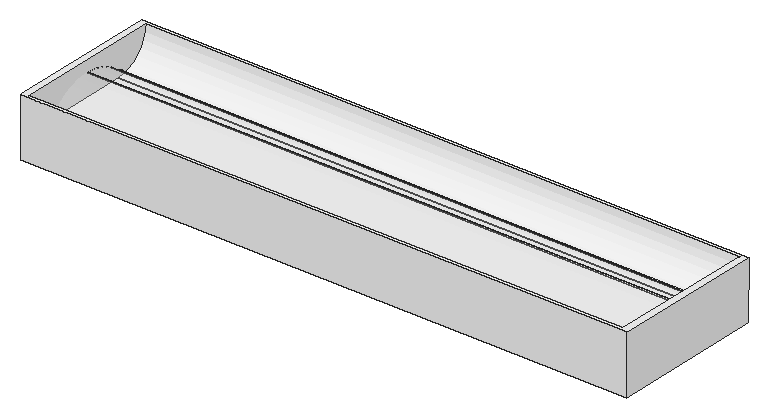
Revit family "TCAT14-SM", category Lighting Fixtures, host Face, Revit 2012
Parameters (values of type "TCAT14")
  zz Length = Row Length - 1.000"  # 47.000"
  Width = 12.000"
  Watts = 58 W
  Warranty = "Five-year warranty."  # constant formula
  Voltage = 120 V
  Wattage Comments = "21-58 W"  # constant formula
  URL = "http://www.columbialighting.com/"
  Product Page URL = ""
  Product Documentation Link = ""
  Photometric Web = Web TCAT14 : TCAT14-30MWx-EDU
  Model = "TCAT14-SM"  # constant formula
  Manufacturer Phone = "(864)-678-1000"  # constant formula
  Manufacturer Fax = "(866)-898-1065"  # constant formula
  Manufacturer = "Columbia Lighting"  # constant formula
  Row Length = 48.000"
  Load Classification = Lighting
  Lamp = "LED Lamp"  # constant formula
  Light Bulb = Hubbell - White Glass
  Height = 4.625"
  Description = "1'x 4'LED Twin Contempory Architectural Troffer."  # constant formula
  Default Elevation = 48.000"
  Certifications = "UL1598, 2108 & CSA"  # constant formula
  Backbox = Hubbell - White
  Apparent Load = 0 VA
Reference planes (in)
  plane 1 "Center (Front/Back)": y = 0.03999
  plane 2: z = 0
  plane 3 "Center (Left/Right)": x = 1.66944
  plane 4: x = -22.33056
  plane 5: x = 25.66944
Dimensions and locks (in)
  equal spacing: plane 5, plane 3 "Center (Left/Right)", plane 4
  "Row Length": plane 5 to plane 4
  aligned and locked: plane 2 to host face
  aligned and locked: level to host face
  aligned and locked: plane 3 "Center (Left/Right)" to nested 1
  aligned and locked: plane 1 "Center (Front/Back)" to nested 1
  aligned and locked: nested 2 to plane 3 "Center (Left/Right)"
  aligned and locked: plane 1 "Center (Front/Back)" to nested 2
Automatic sketch dimensions
  host sketch curve to host sketch curve = 96.000"  (x2)
Nested families (in)
  nested 1: "LED Contemporary Architectural Troffer" at (1.66944, 0.03999, 0), Row Length <- "Row Length", Width <- "Width", Glass <- "Light Bulb", Finish <- "Backbox", Height <- "Height", type "LED Contemporary Architectural Troffer"
    with Width 12.000", Row Length 48.000", Height 4.625", Glass Hubbell - White Glass, Finish Hubbell - White
  nested 2: "Web TCAT14" at (1.62945, -0.19897, 2) x (0, -1, 0) z (0, 0, 1), type <- "Photometric Web", type "TCAT14-30MWx-EDU"
Connectors (in)
  electrical at (0, 0, 0), driven by "Voltage", driven by "Load Classification", driven by "Apparent Load"
    settings: on host face, index 1, voltage 120 V, apparent load 0 VA, apparent load phase1 0 VA, apparent load phase2 0 VA, apparent load phase3 0 VA, power factor 1, load classification "Lighting", number of poles 1, system type 30, power factor state 1, is connector primary yes, connector utility no, sub classification motor no, connector description "Lighting Connector"
Definition of nested family "LED Contemporary Architectural Troffer"
  Parameters (values of type "LED Contemporary Architectural Troffer")
    Width [instance] = 24.000"
    Row Length [instance] = 24.000"
    Height [instance] = 4.625"
    Glass [instance] = none
    Finish [instance] = none
    Default Elevation = 48.000"
  Reference planes (in)
    plane 1 "Center (Front/Back)": y = 0
    plane 2: z = 0
    plane 3 "Center (Left/Right)": x = 0
    plane 4: x = 12
    plane 5: x = -12
    plane 6: y = -12
    plane 7: y = 12
    plane 8: z = 4.625
    plane 9: x = -11.5
    plane 10: x = 11.5
    plane 11: y = -3
    plane 12: y = 3
    plane 13: z = 2
    plane 14: y = -11.75
    plane 15: y = 11.75
    plane 16: z = 0.25
  Forms (in)
    Extrusion 1, solid
      sketch origin (0, 0, 0) x (1, 0, 0) y (0, 1, 0)
        loop
          line (-48, 48) -> (-48, -48) -> (48, -48) -> (48, 48) -> (-48, 48)
      from 0 to -12
    Extrusion 2, solid, material <- "Glass"
      sketch origin (0, 0, 0) x (0, 1, 0) y (0, 0, 1)
        loop
          arc (-3.0054, 2) -> (-3.2554, 2.25) -> (-3.0054, 2.5) r 0.25
          arc (-3.0054, 2.5) -> (-1.62233, 3.40315) -> (0, 3.71395) r 4.27102
          arc (0, 3.71395) -> (1.62233, 3.40315) -> (3.0054, 2.5) r 4.27102
          arc (3.0054, 2.5) -> (3.2554, 2.25) -> (3.0054, 2) r 0.25
          line (3.0054, 2) -> (3.0054, 1.89823)
          arc (3.0054, 1.89823) -> (3.35619, 2.24902) -> (3.0054, 2.59982) r 0.35079
          arc (3.0054, 2.59982) -> (1.6184, 3.48995) -> (0, 3.80122) r 4.35698
          arc (0, 3.80122) -> (-1.6184, 3.48995) -> (-3.0054, 2.59982) r 4.35698
          arc (-3.0054, 2.59982) -> (-3.35619, 2.24902) -> (-3.0054, 1.89823) r 0.35079
          line (-3.0054, 1.89823) -> (-3.0054, 2)
      from -11.5 to 11.5
    Extrusion 3, solid, material <- "Finish"
      sketch origin (0, 0, 0) x (0, 1, 0) y (0, 0, 1)
        loop
          line (-12, 4.625) -> (-12, 0) -> (12, 0) -> (12, 4.625) -> (-12, 4.625)
      from 11.5 to 12
    Extrusion 4, solid, material <- "Finish"
      sketch origin (0, 0, 0) x (0, 1, 0) y (0, 0, 1)
        loop
          line (12, 4.625) -> (-12, 4.625) -> (-12, 0) -> (12, 0) -> (12, 4.625)
      from -12 to -11.5
    Extrusion 5, solid, material <- "Finish"
      sketch origin (0, 0, 0) x (0, 1, 0) y (0, 0, 1)
        loop
          line (-12, 0) -> (12, 0) -> (12, 4.625) -> (11.75, 4.625) -> (11.75, 0.25) -> (-11.75, 0.25) -> (-11.75, 4.625) -> (-12, 4.625) -> (-12, 0)
      from -11.5 to 11.5
    Extrusion 6, solid, material <- "Finish"
      sketch origin (0, 0, 0) x (0, 1, 0) y (0, 0, 1)
        loop
          arc (-3, 2) -> (-7.56763, 2.67039) -> (-11.75, 4.625) r 15.89583
          line (-11.75, 4.625) -> (-11.75, 0.25) -> (11.75, 0.25) -> (11.75, 4.625)
          arc (11.75, 4.625) -> (7.56763, 2.67039) -> (3, 2) r 15.89583
          line (3, 2) -> (-3, 2)
      from -12 to 12
  Cuts and joins
    joined: Extrusion 3, Extrusion 4, Extrusion 5, Extrusion 6
  Dimensions and locks (in)
    equal spacing: plane 4, plane 3 "Center (Left/Right)", plane 5
    "Row Length": plane 4 to plane 5
    equal spacing: plane 6, plane 1 "Center (Front/Back)", plane 7
    "Width": plane 6 to plane 7
    "Height": plane 8 to plane 2
    equal spacing: plane 10, plane 3 "Center (Left/Right)", plane 9
    locked: plane 9 to plane 5 at 0.5
    equal spacing: plane 11, plane 1 "Center (Front/Back)", plane 12
    locked: plane 11 to plane 1 "Center (Front/Back)" at 3
    locked: plane 6 to plane 14 at 0.25
    equal spacing: plane 14, plane 1 "Center (Front/Back)", plane 15
    locked: plane 16 to level at 0.25
    level to Extrusion 5 = 4.625"
    aligned and locked: plane 2 to Extrusion 1
    aligned and locked: level to Extrusion 1
    aligned and locked: Extrusion 2 to plane 10
    aligned and locked: Extrusion 2 to plane 9
    aligned and locked: plane 8 to Extrusion 3 sketch curve
    aligned and locked: plane 6 to Extrusion 3 sketch curve
    aligned and locked: level to Extrusion 3 sketch curve
    aligned and locked: Extrusion 3 sketch curve to plane 7
    aligned and locked: plane 4 to Extrusion 3
    aligned and locked: plane 10 to Extrusion 3
    aligned and locked: Extrusion 4 sketch curve to Extrusion 3  (x4)
    aligned and locked: Extrusion 4 to plane 5
    aligned and locked: plane 9 to Extrusion 4
    aligned and locked: Extrusion 5 sketch curve to Extrusion 3  (x4)
    aligned and locked: plane 8 to Extrusion 5 sketch curve
    aligned and locked: Extrusion 5 sketch curve to plane 14
    aligned and locked: plane 16 to Extrusion 5 sketch curve
    aligned and locked: Extrusion 5 sketch curve to plane 15
    aligned and locked: Extrusion 5 to plane 10
    aligned and locked: Extrusion 5 to plane 9
    aligned and locked: plane 13 to Extrusion 6 sketch curve
    aligned and locked: plane 12 to Extrusion 6 sketch curve
    aligned and locked: plane 11 to Extrusion 6 sketch curve
    aligned and locked: Extrusion 6 sketch curve to plane 14
    aligned and locked: plane 16 to Extrusion 6 sketch curve
    aligned and locked: Extrusion 6 sketch curve to plane 15
    aligned and locked: plane 4 to Extrusion 6
    aligned and locked: Extrusion 6 to plane 5
  Automatic sketch dimensions
    Extrusion 1 sketch curve to Extrusion 1 sketch curve = 96.000"  (x2)
    plane 13 to Extrusion 2 sketch curve = 0.000"  (x2)
    Extrusion 2 sketch curve to plane 1 "Center (Front/Back)" = 0.000"  (x2)
    plane 1 "Center (Front/Back)" to Extrusion 2 sketch curve = 0.00113"
    Extrusion 2 sketch curve to Extrusion 2 sketch curve = 0.0216"  (x2)
    Extrusion 2 sketch curve to plane 11 = 0.0054"
    Extrusion 2 sketch curve to plane 1 "Center (Front/Back)" = 0.00113"
    Extrusion 2 sketch curve to plane 12 = 0.0054"
    plane 13 to Extrusion 2 sketch curve = 0.10177"  (x2)
    Extrusion 2 sketch curve to level = 0.55575"
    Extrusion 2 sketch curve to Extrusion 2 sketch curve = 0.000"
    Extrusion 2 sketch curve to Extrusion 2 sketch curve = 0.00126"  (x2)
    Extrusion 2 sketch curve to Extrusion 2 sketch curve = 0.24902"
    Extrusion 2 sketch curve to Extrusion 2 sketch curve = 0.00098"
    plane 8 to Extrusion 6 sketch curve = 0.000"  (x2)
Definition of nested family "Web TCAT14"
  Parameters (values of type "TCAT14-50XWx-EDU")
    Wattage Comments = ""
    Wattage = 44 W
    built-in parameter 1150110 = 1 (stored number, unit not read)
    URL = ""
    built-in parameter 1114217 = 1 (stored number, unit not read)
    Tilt Angle = 90.00°
    built-in parameter 1150109 = 1 (stored number, unit not read)
    built-in parameter 1150134 = 2
    built-in parameter 1150113 = 1 (stored number, unit not read)
    Product Page URL = ""
    Product Documentation Link = ""
    Photometric Web File = "TCAT14-50XWx-EDU.ies"
    Model = ""
    Manufacturer Phone = ""
    Manufacturer Fax = ""
    Manufacturer = ""
    built-in parameter 1150105 = 343.14 (stored number, unit not read)
    Lumens = 4312 lm
    built-in parameter 1150115 = 1 (stored number, unit not read)
    built-in parameter 1150137 = (empty or 0)
    built-in parameter 1150139 = (empty or 0)
    built-in parameter 1150112 = 1 (stored number, unit not read)
    built-in parameter 1150114 = 1 (stored number, unit not read)
    Lamp = ""
    built-in parameter 1150132 = (empty or 0)
    built-in parameter 1150102 = (empty or 0)
    built-in parameter 1150107 = 5000 (stored number, unit not read)
    built-in parameter 1150138 = (empty or 0)
    built-in parameter 1150106 = 3.4314 (stored number, unit not read)
    Emit from Rectangle Width = 6.000"
    Emit from Rectangle Length = 47.000"
    Emit Shape Visible in Rendering = no
    built-in parameter 1150104 = 9.1045 (stored number, unit not read)
    Dimming Lamp Color Temperature Shift = (empty or 0)
    Description = ""
    Default Elevation = 48.000"
    Color Filter = 16777215
    built-in parameter 1114218 = 1 (stored number, unit not read)
    built-in parameter 1150133 = 10 (stored number, unit not read)
  Types (32): name | built-in parameter 1150134 | Photometric Web File | built-in parameter 1150107
    TCAT14-30HLx-EDU | (empty or 0) | "TCAT14-30HLx-EDU.ies" | 3000 (stored number, unit not read)
    TCAT14-30LWx-EDU | (empty or 0) | "TCAT14-30LWx-EDU.ies" | 3000 (stored number, unit not read)
    TCAT14-30MLx-EDU | (empty or 0) | "TCAT14-30MLx-EDU.ies" | 3000 (stored number, unit not read)
    TCAT14-30MWx-EDU | (empty or 0) | "TCAT14-30MWx-EDU.ies" | 3000 (stored number, unit not read)
    TCAT14-30VLx-EDU | (empty or 0) | "TCAT14-30VLx-EDU.ies" | 3000 (stored number, unit not read)
    TCAT14-30VWx-EDU | (empty or 0) | "TCAT14-30VWx-EDU.ies" | 3000 (stored number, unit not read)
    TCAT14-30XLx-EDU | (empty or 0) | "TCAT14-30XLx-EDU.ies" | 3000 (stored number, unit not read)
    TCAT14-30XWx-EDU | (empty or 0) | "TCAT14-30XWx-EDU.ies" | 3000 (stored number, unit not read)
    TCAT14-35HLx-EDU | (empty or 0) | "TCAT14-35HLx-EDU.ies" | 3500 (stored number, unit not read)
    TCAT14-35LWx-EDU | (empty or 0) | "TCAT14-35LWx-EDU.ies" | 3500 (stored number, unit not read)
    TCAT14-35MLx-EDU | (empty or 0) | "TCAT14-35MLx-EDU.ies" | 3500 (stored number, unit not read)
    TCAT14-35MWx-EDU | (empty or 0) | "TCAT14-35MWx-EDU.ies" | 3500 (stored number, unit not read)
    TCAT14-35VLx-EDU | (empty or 0) | "TCAT14-35VLx-EDU.ies" | 3500 (stored number, unit not read)
    TCAT14-35VWx-EDU | (empty or 0) | "TCAT14-35VWx-EDU.ies" | 3500 (stored number, unit not read)
    TCAT14-35XLx-EDU | (empty or 0) | "TCAT14-35XLx-EDU.ies" | 3500 (stored number, unit not read)
    TCAT14-35XWx-EDU | (empty or 0) | "TCAT14-35XWx-EDU.ies" | 3500 (stored number, unit not read)
    TCAT14-40HLx-EDU | 12 | "TCAT14-40HLx-EDU.ies" | 4000 (stored number, unit not read)
    TCAT14-40LWx-EDU | 12 | "TCAT14-40LWx-EDU.ies" | 4000 (stored number, unit not read)
    TCAT14-40MLx-EDU | 12 | "TCAT14-40MLx-EDU.ies" | 4000 (stored number, unit not read)
    TCAT14-40VLx-EDU | 12 | "TCAT14-40VLx-EDU.ies" | 4000 (stored number, unit not read)
    TCAT14-40VWx-EDU | 12 | "TCAT14-40VWx-EDU.ies" | 4000 (stored number, unit not read)
    TCAT14-40XLx-EDU | 12 | "TCAT14-40XLx-EDU.ies" | 4000 (stored number, unit not read)
    TCAT14-40XWx-EDU | 12 | "TCAT14-40XWx-EDU.ies" | 4000 (stored number, unit not read)
    TCAT14-40MWx-EDU | 12 | "TCAT14-40MWx-EDU.ies" | 4000 (stored number, unit not read)
    TCAT14-50HLx-EDU | 2 | "TCAT14-50HLx-EDU.ies" | 5000 (stored number, unit not read)
    TCAT14-50LWx-EDU | 2 | "TCAT14-50LWx-EDU.ies" | 5000 (stored number, unit not read)
    TCAT14-50MLx-EDU | 2 | "TCAT14-50MLx-EDU.ies" | 5000 (stored number, unit not read)
    TCAT14-50MWx-EDU | 2 | "TCAT14-50MWx-EDU.ies" | 5000 (stored number, unit not read)
    TCAT14-50VLx-EDU | 2 | "TCAT14-50VLx-EDU.ies" | 5000 (stored number, unit not read)
    TCAT14-50VWx-EDU | 2 | "TCAT14-50VWx-EDU.ies" | 5000 (stored number, unit not read)
    TCAT14-50XLx-EDU | 2 | "TCAT14-50XLx-EDU.ies" | 5000 (stored number, unit not read)
    TCAT14-50XWx-EDU | 2 | "TCAT14-50XWx-EDU.ies" | 5000 (stored number, unit not read)
  Reference planes (in)
    plane 1 "Center (Front/Back)": y = 0.03999
    plane 2: z = 0
    plane 3 "Center (Left/Right)": x = -0.23896
  Forms (in)
    Extrusion 1, solid
      sketch origin (0, 0, 0.06357) x (1, 0, 0) y (0, 1, 0)
        loop
          line (-48, 48) -> (-48, -48) -> (48, -48) -> (48, 48) -> (-48, 48)
      from -0.06357 to -6.74357
  Lines and regions (in)
    reference lines
      curve 1: line (-0.23896, 0.03999, 18.11448) -> (-0.23896, 0.03999, -22.88552)
      curve 2: line (-0.23896, 0.03999, 34) -> (-0.23896, 0.03999, -22.88552)
  Dimensions and locks (in)
    aligned and locked: plane 2 to Extrusion 1
    aligned and locked: level to Extrusion 1
    aligned and locked: curve 1 to plane 3 "Center (Left/Right)"
    aligned and locked: plane 1 "Center (Front/Back)" to curve 2
    aligned and locked: imposter light to plane 1 "Center (Front/Back)"
    aligned and locked: imposter light to level
    aligned and locked: plane 3 "Center (Left/Right)" to imposter light
